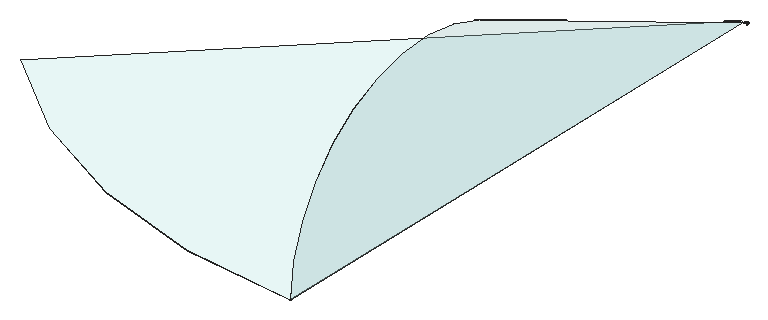
Revit family "Rotor XLR Series - XLR24BSP", category Acessórios do tubo, Revit 2020
Family settings
  Cota do conector redondo = Utilizar diâmetro
  Tipo de parte = Normal
  Número OmniClass = 23.60.30.11.14
  Título OmniClass = Pipework Fittings
  Com base no plano de trabalho = Não
  Sempre na vertical = Sim
  Corte com vazios quando carregada = Não
  Compartilhado = Não
Parameters (values of type "Nozzle 1.10")
  Water = Water
  URL = "https://www.rainbird.com/"
  TABLE 90 = "TABLE 90psi"
  TABLE 80 = "TABLE 80psi"
  TABLE 60 = "TABLE 60psi"
  TABLE 70 = "TABLE 70psi"
  TABLE 50 = "TABLE 50psi"
  TABLE 40 = "TABLE 40psi"
  TABLE 30 = "TABLE 30psi"
  TABLE 120 = "TABLE 120psi"
  TABLE 110 = "TABLE 110psi"
  TABLE 100 = "TABLE 100psi"
  SupportProjetos: Reviw Date = ""  # constant formula
  SupportProjetos: Reviw = "R00"  # constant formula
  SupportProjetos: Level of Detail = "LOD 300"  # constant formula
  SupportProjetos: Developed = "MICHEL SOARES MOTA"  # constant formula
  SupportProjetos: Creation Date = "14/08/2020"  # constant formula
  Side inlet = no
  Rotation Water Visibility [instance] = Pop up on  # yes
  Rotation Angle [instance] = 45.00°
  RainBird: Product Link = "https://www.rainbird.com/"
  RainBird: Description = "XLR24-BSP Rotor "  # constant formula
  RainBird: Comment [instance] = ""
  RainBird: Code = "XLR24BSP"  # constant formula
  Radius [instance] = if(and(Pressure = 30.0 psi, Instance < 10 ft), size_lookup(TABLE 30, "Radius", 0 ft, Instance), if(and(Pressure = 40.0 psi, Instance < 19 ft), size_lookup(TABLE 40, "Radius", 0 ft, Instance), if(and(Pressure = 50.0 psi, Instance < 19 ft), size_lookup(TABLE 50, "Radius", 0 ft, Instance), if(and(Pressure = 60.0 psi, Instance < 19 ft), size_lookup(TABLE 60, "Radius", 0 ft, Instance), if(and(Pressure = 70.0 psi, Instance < 19 ft), size_lookup(TABLE 70, "Radius", 0 ft, Instance), if(and(Pressure = 80.0 psi, Instance < 19 ft), size_lookup(TABLE 80, "Radius", 0 ft, Instance), if(and(Pressure = 90.0 psi, Instance < 19 ft), size_lookup(TABLE 90, "Radius", 0 ft, Instance), if(and(Pressure = 100.0 psi, Instance < 19 ft), size_lookup(TABLE 100, "Radius", 0 ft, Instance), if(and(Pressure = 110.0 psi, Instance < 19 ft), size_lookup(TABLE 100, "Radius", 0 ft, Instance), if(and(Pressure = 120.0 psi, Instance > 10 ft), size_lookup(TABLE 120, "Radius", 0 ft, Instance), 0 ft))))))))))  # 104 ft
  RT = 0.009893 ft
  RN = 0.044578 ft
  R5 = 0.03937 ft
  R4 = 0.052124 ft
  R3 = 0.065617 ft
  R2 = 0.088998 ft
  R1 = 0.032808 ft
  Pressure [instance] = 30.0 psi
  Pop up height = 0.164042 ft
  Pop up on [instance] = yes
  Modelo = "XLR24BSP"  # constant formula
  Instance = 9 ft
  H1 = Body height / 3  # 0.047351 ft
  Gray Plastic = Gray Plastic
  Flow [instance] = if(and(Pressure = 30.0 psi, Instance < 10 ft), size_lookup(TABLE 30, "Flow", 0.0 GPM, Instance), if(and(Pressure = 40.0 psi, Instance < 19 ft), size_lookup(TABLE 40, "Flow", 0.0 GPM, Instance), if(and(Pressure = 50.0 psi, Instance < 19 ft), size_lookup(TABLE 50, "Flow", 0.0 GPM, Instance), if(and(Pressure = 60.0 psi, Instance < 19 ft), size_lookup(TABLE 60, "Flow", 0.0 GPM, Instance), if(and(Pressure = 70.0 psi, Instance < 19 ft), size_lookup(TABLE 70, "Flow", 0.0 GPM, Instance), if(and(Pressure = 80.0 psi, Instance < 19 ft), size_lookup(TABLE 80, "Flow", 0.0 GPM, Instance), if(and(Pressure = 90.0 psi, Instance < 19 ft), size_lookup(TABLE 90, "Flow", 0.0 GPM, Instance), if(and(Pressure = 100.0 psi, Instance < 19 ft), size_lookup(TABLE 100, "Flow", 0.0 GPM, Instance), if(and(Pressure = 110.0 psi, Instance < 19 ft), size_lookup(TABLE 100, "Flow", 0.0 GPM, Instance), if(and(Pressure = 120.0 psi, Instance > 10 ft), size_lookup(TABLE 120, "Flow", 0.0 GPM, Instance), 0.0 GPM))))))))))  # 189.0 GPM
  Fabricante = "Rain Bird"
  Elevação padrão = 0 ft
  Description = RainBird: Description  # "XLR24-BSP Rotor "
  DD13 = 0.002625 ft
  DD12 = 0.003937 ft
  DD11 = 0.009897 ft
  DD10 = 0.016404 ft
  DD8 [instance] = if(Pop up on, Pop up height, 0 ft)  # 0.164042 ft
  DD7 = 0.019685 ft
  DD6 [instance] = 0.016404 ft
  DD5 = 0.065617 ft
  DD4 = 0.82021 ft
  DD3 = 0.044055 ft
  DD2 [instance] = 0.024514 ft
  DD9 [instance] = if(Pop up on, Pop up height + 0.049541 ft, 0.026247 ft)  # 0.213583 ft
  DD1 = 0.006562 ft
  DD = 0.492126 ft
  Conection = 0.062664 ft  # constant formula
  Cobre = Cobre
  Body height = 0.142054 ft
  Blue = Blue Plastic
  Black Plastic = Black Plastic
  Angle = 24.00°
Types (10, lengths in ft): name | Radius | Instance | Flow | Angle
  (no name) | 104 | 9 | 189.0 GPM | 24.00°
  Nozzle 0.47 | 81 | 1 | 35.0 GPM | 25.00°
  Nozzle 0.55 | 88 | 2 | 48.0 GPM | 25.00°
  Nozzle 0.63 | 96 | 3 | 62.0 GPM | 25.00°
  Nozzle 0.71 | 98 | 4 | 78.0 GPM | 25.00°
  Nozzle 0.79 | 99 | 5 | 97.0 GPM | 25.00°
  Nozzle 0.87 | 101 | 6 | 117.0 GPM | 25.00°
  Nozzle 0.94 | 102 | 7 | 139.0 GPM | 25.00°
  Nozzle 1.02 | 103 | 8 | 164.0 GPM | 25.00°
  Nozzle 1.10 | 104 | 9 | 189.0 GPM | 24.00°
Reference planes (ft)
  plane 1 "Centro (Frente/Trás)": y = 0
  plane 2: z = 0
  plane 3 "Centro (Esquerda/Direita)": x = 0
  plane 4: z = 0.003937
  plane 5: z = 0.002625
  plane 6: y = -0.065617
Forms (ft)
  Revolve 1, solid, material "Cobre" <- "Cobre"
    sketch origin (0, 0, 0) x (1, 0, 0) y (0, 0, 1)
      loop
        line (0.088998, -0.044055) -> (0.088998, -0.016154) -> (0.110538, -0.016154) -> (0.110538, 0.02344)
        arc (0.110538, 0.02344) -> (0.108361, 0.028697) -> (0.103103, 0.030875) r 0.007435
        line (0.103103, 0.030875) -> (0.088998, 0.030875) -> (0.088998, 0.041745) -> (0.075211, 0.041745) -> (0.075211, 0.046088) -> (0.006562, 0.046088) -> (0.006562, -0.044055) -> (0.03937, -0.044055) -> (0.03937, -0.051181) -> (0.019685, -0.051181) -> (0.019685, -0.138545) -> (0.044578, -0.138545) -> (0.044578, -0.142054) -> (0.052124, -0.142054) -> (0.052124, -0.138545) -> (0.073088, -0.138545)
        arc (0.073088, -0.138545) -> (0.080084, -0.135647) -> (0.082981, -0.128652) r 0.009893
        line (0.082981, -0.128652) -> (0.082981, -0.044055) -> (0.088998, -0.044055)
      axis (0, -0.142054) -> (0, 0.046088)
    angle from 0 to 360
  Extrusion 2, solid, material "Water" <- "Water", visible <- "Rotation Water Visibility"
    sketch origin (0, 0, 0) x (0, 1, 0) y (0, 0, 1)
      loop
        line (-0.82021, 0.494751) -> (-61.375696, 27.45579)
        arc (-61.375696, 27.45579) -> (-90.239007, 25.482231) -> (-104.82021, 0.494751) r 30.901722
        line (-104.82021, 0.494751) -> (-0.82021, 0.494751)
    from -0.008202 to 0.008202
  Extrusion 3, solid, material "Gray Plastic" <- "Gray Plastic", visible <- "Pop up on"
    sketch origin (-0.00137, -0.002795, -0.035698) x (-0.00469, 0.999989, 0) y (0, 0, 1)
      loop
        line (-0.060666, 0.164299) -> (-0.067193, 0.150302) -> (-0.091523, 0.174632) -> (-0.076533, 0.180087) -> (-0.173316, 0.23824) -> (-0.173316, 0.217407) -> (-0.777521, 0.499153) -> (-0.786354, 0.485017)
        arc (-0.786354, 0.485017) -> (-0.787942, 0.475525) -> (-0.782353, 0.46769) r 0.012575
        line (-0.782353, 0.46769) -> (-0.563338, 0.330834) -> (-0.571008, 0.316408) -> (-0.564625, 0.307292)
        arc (-0.564625, 0.307292) -> (-0.552881, 0.296049) -> (-0.537729, 0.290157) r 0.041667
        line (-0.537729, 0.290157) -> (-0.503282, 0.284083) -> (-0.499035, 0.292071) -> (-0.201965, 0.134116) -> (-0.233075, 0.094297) -> (-0.213694, 0.081224) -> (-0.155969, 0.155109)
        arc (-0.155969, 0.155109) -> (-0.142811, 0.162859) -> (-0.127902, 0.159554) r 0.020833
        line (-0.127902, 0.159554) -> (-0.062866, 0.115687) -> (-0.062866, 0.094673) -> (-0.085994, 0.088245) -> (-0.070938, 0.081224) -> (0.037968, 0.081224) -> (0.040501, 0.065363) -> (0.040501, 0.035698) -> (0.04524, 0.035698) -> (0.050298, 0.081224) -> (0.050298, 0.100559) -> (0.072978, 0.106863)
        arc (0.072978, 0.106863) -> (0.078924, 0.117387) -> (0.068401, 0.123333) r 0.008547
        line (0.068401, 0.123333) -> (0.050298, 0.110657) -> (0.050298, 0.157737)
        arc (0.050298, 0.157737) -> (0.048376, 0.162377) -> (0.043737, 0.164299) r 0.006562
        line (0.043737, 0.164299) -> (-0.060666, 0.164299)
      loop
        line (-0.034211, 0.143466) -> (-0.034211, 0.125376) -> (-0.014598, 0.11623) -> (0.01821, 0.11623) -> (0.040501, 0.108117) -> (0.040501, 0.143466) -> (-0.034211, 0.143466)
      loop
        line (-0.034211, 0.107286) -> (-0.014889, 0.094253) -> (0.040501, 0.094253) -> (0.040501, 0.104202) -> (0.016551, 0.106863) -> (-0.016257, 0.106863) -> (-0.034211, 0.118973) -> (-0.034211, 0.107286)
      loop
        line (-0.489598, 0.297212) -> (-0.199671, 0.149812) -> (-0.182085, 0.167398)
        arc (-0.182085, 0.167398) -> (-0.179498, 0.175243) -> (-0.184266, 0.18199) r 0.009177
        line (-0.184266, 0.18199) -> (-0.471989, 0.334974) -> (-0.489598, 0.297212)
    from -0.012219 to 0.012755
  Blend 4, solid, material "Gray Plastic" <- "Gray Plastic"
    base sketch origin (0, 0, 0.06238) x (1, 0, 0) y (0, 0, 1)
      loop
        circle (-0.001423, 0.087635) r 0.041667
    top sketch origin (0, 0, 0.06238) x (1, 0, 0) y (0, 0, 1)
      loop
        circle (0.000866, 0.336735) r 0.028016
    from 0 to 0.579976
  Extrusion 5, solid, material "Black Plastic" <- "Black Plastic"
    sketch origin (0, 0, 0) x (0, 1, 0) y (0, 0, 1)
      loop
        line (-0.579976, 0.3711) -> (-0.579976, 0.426781) -> (-0.609736, 0.440658) -> (-0.644818, 0.440658) -> (-0.696216, 0.454431) -> (-0.70502, 0.435549) -> (-0.648376, 0.409136) -> (-0.579976, 0.3711)
      loop
        line (-0.780261, 0.463406) -> (-0.726759, 0.438458) -> (-0.737248, 0.463167) -> (-0.776875, 0.476043) -> (-0.780261, 0.463406)
    from -0.0135 to 0.012198
  Extrusion 6, solid, material "Black Plastic" <- "Black Plastic"
    sketch origin (0, 0, 0) x (1, 0, 0) y (0, 1, 0)
      loop
        line (-0.048613, 0.053206) -> (-0.048613, -0.057819) -> (0.046082, -0.057819) -> (0.046082, 0.053206) -> (-0.048613, 0.053206)
      loop
        line (-0.013931, 0.047562) -> (-0.013931, -0.04228) -> (0.011642, -0.04228) -> (0.011642, 0.047562) -> (-0.013931, 0.047562)
    from 0.107768 to 0.175306
Dimensions and locks (ft)
  "Body height": level to Revolve 1 sketch curve
  "R2": Revolve 1 sketch curve to plane 3 "Centro (Esquerda/Direita)"
  "DD3": level to Revolve 1 sketch curve
  Revolve 1 sketch curve to plane 3 "Centro (Esquerda/Direita)" = 0.082981 ft
  "R4": Revolve 1 sketch curve to plane 3 "Centro (Esquerda/Direita)"
  "RN": Revolve 1 sketch curve to plane 3 "Centro (Esquerda/Direita)"
  "DD7": Revolve 1 sketch curve to plane 3 "Centro (Esquerda/Direita)"
  "DD12": plane 4 to level
  "DD13": plane 5 to level
  "R3": plane 6 to plane 1 "Centro (Frente/Trás)"
  "DD4": plane 1 "Centro (Frente/Trás)" to Extrusion 2 sketch curve
  "Radius": Extrusion 2 sketch curve to Extrusion 2 sketch curve
  equal spacing: Extrusion 2, plane 3 "Centro (Esquerda/Direita)", Extrusion 2
  "DD6": Extrusion 2 to Extrusion 2
  "DD": Extrusion 2 sketch curve to plane 5
  "RT": radius of Revolve 1 sketch curve
  "Angle": angle Extrusion 2 sketch curve to Extrusion 2 sketch curve
  aligned and locked: level to plane 2
  aligned and locked: Revolve 1 sketch curve to Revolve 1 sketch curve
Automatic sketch dimensions
  Blend 4 sketch curve to plane 3 "Centro (Esquerda/Direita)" = 0.001423 ft
  plane 4 to Blend 4 sketch curve = 0.146078 ft
  plane 3 "Centro (Esquerda/Direita)" to Blend 4 sketch curve = 0.000866 ft
  plane 4 to Blend 4 sketch curve = 0.395179 ft
  Extrusion 5 sketch curve to plane 6 = 0.711258 ft
  Extrusion 5 sketch curve to Extrusion 5 sketch curve = 0.039627 ft
  Extrusion 5 sketch curve to Extrusion 5 sketch curve = 0.032227 ft
  plane 4 to Extrusion 5 sketch curve = 0.450494 ft
  Extrusion 5 sketch curve to Extrusion 5 sketch curve = 0.008805 ft
  Extrusion 5 sketch curve to Extrusion 5 sketch curve = 0.056644 ft
  Extrusion 5 sketch curve to Extrusion 5 sketch curve = 0.003558 ft
  Extrusion 5 sketch curve to Extrusion 5 sketch curve = 0.035082 ft
  Extrusion 5 sketch curve to Extrusion 5 sketch curve = 0.02976 ft
  Extrusion 5 sketch curve to Extrusion 5 sketch curve = 0.013772 ft
  Extrusion 5 sketch curve to Extrusion 5 sketch curve = 0.018881 ft
  Extrusion 5 sketch curve to Extrusion 5 sketch curve = 0.013877 ft
  Extrusion 5 sketch curve to Extrusion 5 sketch curve = 0.055681 ft
  Extrusion 5 sketch curve to Extrusion 5 sketch curve = 0.008737 ft
  Extrusion 5 sketch curve to Extrusion 5 sketch curve = 0.012876 ft
  Extrusion 5 sketch curve to Extrusion 5 sketch curve = 0.003386 ft
  Extrusion 5 sketch curve to Extrusion 5 sketch curve = 0.021739 ft
  Extrusion 5 sketch curve to Extrusion 5 sketch curve = 0.002909 ft
  Extrusion 5 sketch curve to Extrusion 5 sketch curve = 0.012637 ft
  level to Extrusion 3 sketch curve = 0 ft
  plane 4 to Extrusion 3 sketch curve = 0.445383 ft
  plane 4 to Extrusion 3 sketch curve = 0.428055 ft
  Extrusion 3 sketch curve to Extrusion 3 sketch curve = 0.004 ft
  plane 4 to Extrusion 3 sketch curve = 0.459518 ft
  Extrusion 3 sketch curve to Extrusion 3 sketch curve = 0.008833 ft
  Extrusion 3 sketch curve to Extrusion 3 sketch curve = 0.010664 ft
  plane 4 to Extrusion 3 sketch curve = 0.276773 ft
  Extrusion 3 sketch curve to Extrusion 3 sketch curve = 0.211345 ft
  plane 4 to Extrusion 3 sketch curve = 0.267657 ft
  Extrusion 3 sketch curve to Extrusion 3 sketch curve = 0.006383 ft
  plane 4 to Extrusion 3 sketch curve = 0.291199 ft
  Extrusion 3 sketch curve to Extrusion 3 sketch curve = 0.00767 ft
  plane 4 to Extrusion 3 sketch curve = 0.250523 ft
  Extrusion 3 sketch curve to Extrusion 3 sketch curve = 0.026896 ft
  Extrusion 3 sketch curve to Extrusion 3 sketch curve = 0.032844 ft
  plane 4 to Extrusion 3 sketch curve = 0.244449 ft
  Extrusion 3 sketch curve to Extrusion 3 sketch curve = 0.034447 ft
  plane 4 to Extrusion 3 sketch curve = 0.252436 ft
  Extrusion 3 sketch curve to Extrusion 3 sketch curve = 0.004247 ft
  plane 4 to Extrusion 3 sketch curve = 0.257577 ft
  Extrusion 3 sketch curve to Extrusion 3 sketch curve = 0.009437 ft
  plane 4 to Extrusion 3 sketch curve = 0.29534 ft
  Extrusion 3 sketch curve to Extrusion 3 sketch curve = 0.017609 ft
  plane 4 to Extrusion 3 sketch curve = 0.054662 ft
  Extrusion 3 sketch curve to Extrusion 3 sketch curve = 0.256523 ft
  plane 4 to Extrusion 3 sketch curve = 0.041589 ft  (x2)
  Extrusion 3 sketch curve to Extrusion 3 sketch curve = 0.019381 ft
  plane 4 to Extrusion 3 sketch curve = 0.094481 ft
  plane 4 to Extrusion 3 sketch curve = 0.110178 ft
  Extrusion 3 sketch curve to Extrusion 3 sketch curve = 0.002294 ft
  Extrusion 3 sketch curve to Extrusion 3 sketch curve = 0.011097 ft
  plane 4 to Extrusion 3 sketch curve = 0.142355 ft
  Extrusion 3 sketch curve to Extrusion 3 sketch curve = 0.004308 ft
  plane 4 to Extrusion 3 sketch curve = 0.127763 ft
  Extrusion 3 sketch curve to Extrusion 3 sketch curve = 0.006489 ft
  Extrusion 3 sketch curve to Extrusion 3 sketch curve = 0.01095 ft
  plane 4 to Extrusion 3 sketch curve = 0.115474 ft
  Extrusion 3 sketch curve to Extrusion 3 sketch curve = 0.026117 ft
  Extrusion 3 sketch curve to Extrusion 3 sketch curve = 0.016417 ft
  plane 4 to Extrusion 3 sketch curve = 0.119919 ft
  Extrusion 3 sketch curve to Extrusion 3 sketch curve = 0.01165 ft
  plane 4 to Extrusion 3 sketch curve = 0.134997 ft
  Extrusion 3 sketch curve to Extrusion 3 sketch curve = 0.036379 ft
  plane 4 to Extrusion 3 sketch curve = 0.04861 ft
  Extrusion 3 sketch curve to Extrusion 3 sketch curve = 0.053557 ft
  plane 4 to Extrusion 3 sketch curve = 0.140453 ft
  Extrusion 3 sketch curve to Extrusion 3 sketch curve = 0.01499 ft
  Extrusion 3 sketch curve to Extrusion 3 sketch curve = 0.015057 ft
  plane 4 to Extrusion 3 sketch curve = 0.110667 ft
  Extrusion 3 sketch curve to Extrusion 3 sketch curve = 0.00934 ft
  plane 4 to Extrusion 3 sketch curve = 0.055039 ft
  Extrusion 3 sketch curve to Extrusion 3 sketch curve = 0.008072 ft
  plane 4 to Extrusion 3 sketch curve = 0.124664 ft
  Extrusion 3 sketch curve to Extrusion 3 sketch curve = 0.006527 ft
  plane 4 to Extrusion 3 sketch curve = 0.067651 ft
  Extrusion 3 sketch curve to Extrusion 3 sketch curve = 0.028655 ft
  Extrusion 3 sketch curve to Extrusion 3 sketch curve = 0 ft  (x3)
  plane 4 to Extrusion 3 sketch curve = 0.067228 ft  (x2)
  Extrusion 3 sketch curve to Extrusion 3 sketch curve = 0.017953 ft
  Extrusion 3 sketch curve to Extrusion 3 sketch curve = 0.001369 ft
  Extrusion 3 sketch curve to Extrusion 3 sketch curve = 0.001659 ft  (x2)
  Extrusion 3 sketch curve to Extrusion 3 sketch curve = 0.031149 ft
  Extrusion 3 sketch curve to Extrusion 3 sketch curve = 0.021417 ft
  plane 4 to Extrusion 3 sketch curve = 0.025729 ft
  Extrusion 3 sketch curve to Extrusion 3 sketch curve = 0.002534 ft  (x2)
  Extrusion 3 sketch curve to Extrusion 3 sketch curve = 0.022291 ft
  Extrusion 3 sketch curve to Extrusion 3 sketch curve = 0.003235 ft
  Extrusion 3 sketch curve to Extrusion 3 sketch curve = 0.004739 ft
  plane 4 to Extrusion 3 sketch curve = 0.071023 ft
  Extrusion 3 sketch curve to Extrusion 3 sketch curve = 0.009797 ft
  plane 4 to Extrusion 3 sketch curve = 0.060925 ft
  plane 4 to Extrusion 3 sketch curve = 0.083698 ft
  Extrusion 3 sketch curve to Extrusion 3 sketch curve = 0.018102 ft
  Extrusion 3 sketch curve to Extrusion 3 sketch curve = 0.002289 ft  (x2)
  Extrusion 3 sketch curve to Extrusion 3 sketch curve = 0.006306 ft
  Extrusion 3 sketch curve to Extrusion 3 sketch curve = 0.009949 ft
  Extrusion 3 sketch curve to Extrusion 3 sketch curve = 0.003915 ft
  Extrusion 3 sketch curve to Extrusion 3 sketch curve = 0.021013 ft
  Extrusion 3 sketch curve to Extrusion 3 sketch curve = 0.009367 ft
  Extrusion 3 sketch curve to Extrusion 3 sketch curve = 0.011687 ft
  Extrusion 3 sketch curve to Extrusion 3 sketch curve = 0.006403 ft
  Extrusion 3 sketch curve to Extrusion 3 sketch curve = 0.01809 ft
  Extrusion 3 sketch curve to Extrusion 3 sketch curve = 0.035417 ft
  Extrusion 3 sketch curve to Extrusion 3 sketch curve = 0.020833 ft
  plane 6 to Extrusion 6 sketch curve = 0.007798 ft
  Extrusion 6 sketch curve to plane 3 "Centro (Esquerda/Direita)" = 0.048613 ft
  Extrusion 6 sketch curve to plane 3 "Centro (Esquerda/Direita)" = 0.013931 ft
  plane 3 "Centro (Esquerda/Direita)" to Extrusion 6 sketch curve = 0.011642 ft
  Extrusion 6 sketch curve to Extrusion 6 sketch curve = 0.034439 ft
  plane 6 to Extrusion 6 sketch curve = 0.023337 ft
  Extrusion 6 sketch curve to plane 1 "Centro (Frente/Trás)" = 0.047562 ft
  Extrusion 6 sketch curve to Extrusion 6 sketch curve = 0.005644 ft
  Revolve 1 sketch curve to plane 3 "Centro (Esquerda/Direita)" = 0 ft
  plane 3 "Centro (Esquerda/Direita)" to Revolve 1 sketch curve = 0.006562 ft
  Revolve 1 sketch curve to Revolve 1 sketch curve = 0.019685 ft
  Revolve 1 sketch curve to Revolve 1 sketch curve = 0.013787 ft  (x2)
  Revolve 1 sketch curve to Revolve 1 sketch curve = 0.014105 ft
  Revolve 1 sketch curve to Revolve 1 sketch curve = 0.007435 ft
  Revolve 1 sketch curve to Revolve 1 sketch curve = 0.003509 ft
  Revolve 1 sketch curve to level = 0.051181 ft
  Revolve 1 sketch curve to Revolve 1 sketch curve = 0.007127 ft
  Revolve 1 sketch curve to level = 0.016154 ft
  plane 4 to Revolve 1 sketch curve = 0.019503 ft
  Revolve 1 sketch curve to Revolve 1 sketch curve = 0.010871 ft
  Revolve 1 sketch curve to Revolve 1 sketch curve = 0.004343 ft
  Revolve 1 sketch curve to Revolve 1 sketch curve = 0.074191 ft
  Revolve 1 sketch curve to Revolve 1 sketch curve = 0.918635 ft
  Extrusion 2 sketch curve to level = 0.774337 ft
  radius of Blend 4 sketch curve = 0.041667 ft
  radius of Blend 4 sketch curve = 0.028016 ft
Nested families (ft)
  nested 1: "Water" at (0.00015, 0, 0.375492) x (0, -1, 0) z (0, 0, 1), DT9 <- "DD4", Radius <- "Radius", visible <- "Rotation Water Visibility", Rotation Angle <- "Rotation Angle", type "Water"
    with Rotation Angle 45.00°, Radius 104 ft, DT9 0.82021 ft, DT8 0 ft, DT7 416 ft, DT4 520 ft, Angle 2 315.00°
Connectors (ft)
  piping at (0, 0, -0.142054), diameter 2
    settings: on Revolve 1, index 1, connector inside diameter 609.6 mm, connector length 0 ft, flow factor 0, pipe flow 0.0 GPM, pressure drop 0.0 psi, fitting loss kfactor 0, connector angle 0.00°, fixture units 0, engagement length 0 ft, angle of deflection 0.00°, flow configuration 0, flow direction 0, fitting loss method 0, system type 28, joint type 0, gender type 0, connector reference index -1, connector utility 0, adjustable connector no, is connector primary yes, connector description ""
Definition of nested family "Water"
  Parameters (values of type "Water")
    Water Visibility (Circle) = yes
    Water = none
    URL = ""
    SupportProjetos: Reviw Date = ""  # constant formula
    SupportProjetos: Level of Detail = "LOD 300"  # constant formula
    SupportProjetos: Developed = "MICHEL SOARES MOTA"  # constant formula
    SupportProjetos: Creation Date = "16/07/2020"  # constant formula
    Rotation Angle [instance] = 90.00°
    Reviw = "R00"  # constant formula
    Radius [instance] = 14 ft
    Model = ""
    Default Elevation = 4 ft
    Description = ""
    DT9 [instance] = 0.032808 ft
    DT8 [instance] = if(Rotation Angle = 360.00°, 10 ft, 0 ft)  # 0 ft
    DT7 [instance] = 4 * Radius  # 56 ft
    DT4 [instance] = 5 * Radius  # 70 ft
    DT2 = 0.098425 ft  # constant formula
    DT6 = 0 ft
    Angle 2 [instance] = if(Rotation Angle = 360.00°, 180.00°, 360.00° - Rotation Angle)  # 270.00°
  Reference planes (ft)
    plane 1 "Centro (Frente/Trás)": y = 0
    plane 2: z = 0
    plane 3 "Centro (Esquerda/Direita)": x = 0
  Forms (ft)
    Revolve 1, solid, material <- "Water", visible <- "Water Visibility (Circle)"
      sketch origin (0, 0, 0) x (1, 0, 0) y (0, 0, 1)
        loop
          line (0.032808, 0.098425) -> (14.032808, 0.098425) -> (14.032808, 0.119259) -> (0.032808, 0.119259) -> (0.032808, 0.098425)
        axis (0, 0.098425) -> (0, 0.119259)
      angle from 0 to 360
    Extrusion 2, void
      sketch origin (0, 0, 0) x (1, 0, 0) y (0, 1, 0)
        loop
          line (0, 0) -> (70, 0) -> (70, 56)
          arc (70, 56) -> (-70.459018, 51.588344) -> (0, -70) r 81.847109
          line (0, -70) -> (0, 0)
      from 0 to 15.189231
  Cuts and joins
    Extrusion 2 cuts Revolve 1
  Dimensions and locks (ft)
    "DT2": Revolve 1 sketch curve to level
    "DT4": Extrusion 2 sketch curve to Extrusion 2 sketch curve  (x2)
    "DT6": Extrusion 2 sketch curve to plane 3 "Centro (Esquerda/Direita)"
    "DT7": Extrusion 2 sketch curve to Extrusion 2 sketch curve
    "DT8": cut or joined group of Revolve 1, Extrusion 2 to level
    "Radius": Revolve 1 sketch curve to Revolve 1 sketch curve
    "DT9": Revolve 1 sketch curve to plane 3 "Centro (Esquerda/Direita)"
    "Angle 2": angle Extrusion 2 sketch curve to Extrusion 2 sketch curve
    aligned and locked: level to plane 2
    aligned and locked: plane 1 "Centro (Frente/Trás)" to Extrusion 2 sketch curve
  Automatic sketch dimensions
    plane 3 "Centro (Esquerda/Direita)" to Extrusion 2 sketch curve = 1.088227 ft
    Revolve 1 sketch curve to plane 3 "Centro (Esquerda/Direita)" = 0 ft
    Revolve 1 sketch curve to Revolve 1 sketch curve = 0.020833 ft
    Revolve 1 sketch curve to Revolve 1 sketch curve = 0.032113 ft
    Revolve 1 sketch curve to Revolve 1 sketch curve = 10.2693 ft
